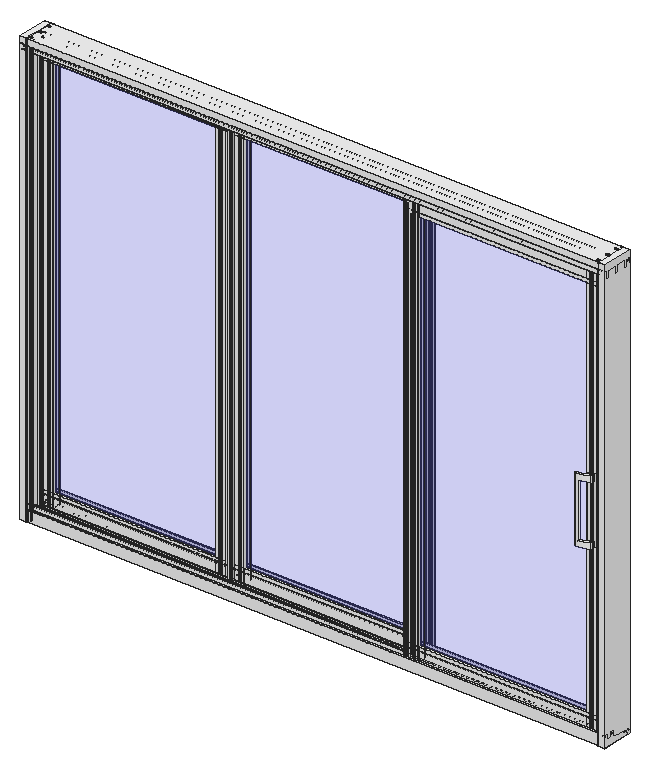
Revit family "Patio-Door_R-550-2-0_3-Light_XOO_5in_Novatech", category Doors, host Wall, Revit 2026 (continued)
Definition of nested family "NOVATECH_R-550 (2.0)_3 LIGHT_XOO_5in_SASH_O_RIGHT"
  Definition of nested family "NOVATECH_650_3 LIGHT_OXO_SASH_O_LEFT"
    Automatic sketch dimensions
      Extrusion 1 sketch curve to Extrusion 1 sketch curve = 0.08088"
      Extrusion 1 sketch curve to Extrusion 1 sketch curve = 0.05069"
      Extrusion 1 sketch curve to Extrusion 1 sketch curve = 0.12761"
      Extrusion 1 sketch curve to Extrusion 1 sketch curve = 0.00014"  (x2)
      Extrusion 1 sketch curve to Extrusion 1 sketch curve = 0.00784"
      Extrusion 1 sketch curve to Extrusion 1 sketch curve = 0.00812"
      Extrusion 1 sketch curve to Extrusion 1 sketch curve = 0.01537"
      Extrusion 1 sketch curve to Extrusion 1 sketch curve = 0.02226"
Definition of nested family "NOVATECH_R-550 (2.0)_3 LIGHT_XOO_5in_SASH_X"
  Parameters (values of type "SASH_X")
    Width = 46.52865"
    Panel Material = none
    Height = 77 57/128"
    Frame Material = none
    Default Elevation = 0"
  Reference planes (in)
    plane 1 "Center (Front/Back)": y = 0
    plane 2: z = 0
    plane 3 "Center (Left/Right)": x = 0
    plane 4: x = 23.26432
    plane 5: x = -23.26432
    plane 6: z = 77.44531
    plane 7: y = 0.76968
  Forms (in)
    Extrusion 1, solid, material <- "Panel Material"
      sketch origin (53.05518, -3.44187, -6.62158) x (1, 0, 0) y (0, 1, 0)
        loop
          line (-74.22445, 4.64856) -> (-74.22445, 3.77455) -> (-30.56754, 3.77455) -> (-30.56754, 4.64856) -> (-74.22445, 4.64856)
      from 8.65969 to 82.02831
  Dimensions and locks (in)
    "Height": plane 6 to level
    "Width": plane 4 to plane 5
    equal spacing: plane 4, plane 3 "Center (Left/Right)", plane 5
    locked: plane 5 to nested 3 at 0.18167
    locked: plane 4 to nested 3 at 1.2619
    locked: Extrusion 1 sketch curve to Extrusion 1 sketch curve at 0.87402
    locked: plane 1 "Center (Front/Back)" to plane 7 at 0.76968
    locked: plane 5 to Extrusion 1 at 2.09505
    locked: Extrusion 1 to plane 4 at 0.77668
    locked: plane 6 to Extrusion 1 at 2.03858
    locked: Extrusion 1 to level at 2.03811
    locked: plane 5 to nested 4 at 0.18167
    locked: plane 4 to nested 4 at 1.2619
    aligned and locked: plane 2 to level
    aligned and locked: nested 1 to level
    aligned and locked: nested 2 to level
    aligned and locked: nested 1 to plane 5
    aligned and locked: plane 1 "Center (Front/Back)" to nested 1
    aligned and locked: nested 2 to plane 4
    aligned and locked: level to nested 4
    aligned and locked: plane 6 to nested 3
    aligned and locked: plane 1 "Center (Front/Back)" to nested 3
  Automatic sketch dimensions
    Extrusion 1 sketch curve to plane 1 "Center (Front/Back)" = 0.33268"
    plane 5 to Extrusion 1 sketch curve = 2.09505"
    Extrusion 1 sketch curve to plane 4 = 0.77668"
  Nested families (in)
    nested 1: "NOVATECH_650_2 LIGHT_SASH_X_LEFT" at (-23.26432, 1.65748, 0) x (0, -1, 0) z (0, 0, 1), type "X_LEFT"
      with Length 77 57/128"
    nested 2: "NOVATECH_650_2 LIGHT_SASH_X_RIGHT" at (24.61291, 1.65775, 0) x (0, 1, 0) z (0, 0, 1), type "X_RIGHT"
      with Length 77 57/128"
    nested 3: "NOVATECH_650_2 LIGHT_SASH_X_HEADER1" at (-23.08266, 1.65748, 74.8425), type "X_HEADER 2"
      with built-in parameter 1001306 3.9674 (stored number, unit not read)
    nested 4: "NOVATECH_650_2 LIGHT_SASH_X_SILL1" at (24.52623, 1.65748, 0) x (-1, 0, 0) z (0, 0, 1), type "X_SILL 2"
      with built-in parameter 1001306 3.9674 (stored number, unit not read)
  Definition of nested family "NOVATECH_650_2 LIGHT_SASH_X_LEFT"
    Parameters (values of type "X_LEFT")
      Length = 91 121/128"
      Frame Material = none
      Default Elevation = 0"
    Reference planes (in)
      plane 1 "Center (Front/Back)": y = 0
      plane 2: z = 0
      plane 3 "Center (Left/Right)": x = 0
      plane 4: z = 91.94531
      plane 5: x = 1.65748
    Forms (in)
      Extrusion 1, solid, material <- "Frame Material"
        sketch origin (0, 0, 0) x (1, 0, 0) y (0, 1, 0)
          loop
            line (1.22244, 0.89033) -> (1.22244, 0.50487) -> (1.27362, 0.50487) -> (1.27362, 0.56786) -> (1.3248, 0.56786) -> (1.3248, 0.26077) -> (1.27362, 0.26077) -> (1.27362, 0.32377) -> (1.22244, 0.32377) -> (1.22244, 0.24072)
            arc (1.22244, 0.24072) -> (1.23974, 0.19896) -> (1.2815, 0.18167) r 0.05906
            line (1.2815, 0.18167) -> (1.59843, 0.18167)
            arc (1.59843, 0.18167) -> (1.64018, 0.19896) -> (1.65748, 0.24072) r 0.05906
            line (1.65748, 0.24072) -> (1.65748, 2.72091)
            arc (1.65748, 2.72091) -> (1.65024, 2.74028) -> (1.63206, 2.75015) r 0.02953
            line (1.63206, 2.75015) -> (1.3878, 2.78448) -> (1.3878, 2.74317) -> (1.42126, 2.74317) -> (1.42126, 2.09505) -> (1.3248, 2.09505) -> (1.3248, 2.21978) -> (0.45079, 2.21978) -> (0.45079, 2.09458) -> (0.22047, 2.09458) -> (0.22047, 1.85883) -> (0.27165, 1.85883) -> (0.27165, 1.76041) -> (0.07874, 1.76041) -> (0.07874, 2.09505) -> (0, 2.09505) -> (0, 0.24072)
            arc (0, 0.24072) -> (0.0173, 0.19896) -> (0.05906, 0.18167) r 0.05906
            line (0.05906, 0.18167) -> (0.37598, 0.18167)
            arc (0.37598, 0.18167) -> (0.41774, 0.19896) -> (0.43504, 0.24072) r 0.05906
            line (0.43504, 0.24072) -> (0.43504, 0.32377) -> (0.38386, 0.32377) -> (0.38386, 0.26077) -> (0.33268, 0.26077) -> (0.33268, 0.56786) -> (0.38386, 0.56786) -> (0.38386, 0.50487) -> (0.43504, 0.50487) -> (0.43504, 0.89033) -> (1.22244, 0.89033)
          loop
            line (0.52457, 0.37126) -> (0.52457, 0) -> (1.13481, 0) -> (1.13481, 0.37126)
            arc (1.13481, 0.37126) -> (1.10598, 0.44086) -> (1.03638, 0.46969) r 0.09843
            line (1.03638, 0.46969) -> (0.623, 0.46969)
            arc (0.623, 0.46969) -> (0.5534, 0.44086) -> (0.52457, 0.37126) r 0.09843
          loop
            line (0.44481, 0.62418) -> (0.44481, 0.49623) -> (1.21253, 0.49623) -> (1.21253, 0.62418) -> (1.17489, 0.62418) -> (1.17489, 0.86183) -> (0.49772, 0.86183) -> (0.49772, 0.62418) -> (0.44481, 0.62418)
          loop
            line (0.3878, 2.78254) -> (0.02953, 2.78254)
            arc (0.02953, 2.78254) -> (0.00865, 2.77389) -> (0, 2.75302) r 0.02953
            line (0, 2.75302) -> (0, 2.12252)
            arc (0, 2.12252) -> (0.00787, 2.10888) -> (0.02362, 2.10888) r 0.01575
            line (0.02362, 2.10888) -> (0.05272, 2.12216)
            arc (0.05272, 2.12216) -> (0.07644, 2.12249) -> (0.08888, 2.10229) r 0.02402
            line (0.08888, 2.10229) -> (0.10187, 1.9166) -> (0.13488, 1.83593)
            arc (0.13488, 1.83593) -> (0.16048, 1.8092) -> (0.19743, 1.80702) r 0.05066
            arc (0.19743, 1.80702) -> (0.2171, 1.82834) -> (0.21099, 1.8567) r 0.0315
            line (0.21099, 1.8567) -> (0.16631, 1.96729) -> (0.15655, 2.09491) -> (0.23966, 2.14667) -> (0.34645, 2.11042)
            arc (0.34645, 2.11042) -> (0.36116, 2.11197) -> (0.3681, 2.12502) r 0.01575
            line (0.3681, 2.12502) -> (0.36811, 2.74317) -> (0.3878, 2.78254)
        from 0 to 91.94531
    Dimensions and locks (in)
      "Length": plane 4 to level
      aligned and locked: plane 2 to level
      aligned and locked: Extrusion 1 to level
      aligned and locked: plane 4 to Extrusion 1
    Automatic sketch dimensions
      plane 1 "Center (Front/Back)" to Extrusion 1 sketch curve = 0"
      plane 3 "Center (Left/Right)" to Extrusion 1 sketch curve = 0.43504"
      Extrusion 1 sketch curve to Extrusion 1 sketch curve = 0.00977"
      Extrusion 1 sketch curve to Extrusion 1 sketch curve = 0.06269"
      Extrusion 1 sketch curve to Extrusion 1 sketch curve = 0.07977"
      Extrusion 1 sketch curve to Extrusion 1 sketch curve = 0.09843"  (x2)
      Extrusion 1 sketch curve to Extrusion 1 sketch curve = 0.41339"
      Extrusion 1 sketch curve to Extrusion 1 sketch curve = 0.13851"
      Extrusion 1 sketch curve to Extrusion 1 sketch curve = 0.03764"
      Extrusion 1 sketch curve to Extrusion 1 sketch curve = 0.04755"
      Extrusion 1 sketch curve to Extrusion 1 sketch curve = 0"  (x2)
      Extrusion 1 sketch curve to Extrusion 1 sketch curve = 0.01575"  (x2)
      Extrusion 1 sketch curve to Extrusion 1 sketch curve = 0.00787"  (x3)
      Extrusion 1 sketch curve to Extrusion 1 sketch curve = 0.02953"  (x2)
      Extrusion 1 sketch curve to Extrusion 1 sketch curve = 0.0291"
      Extrusion 1 sketch curve to Extrusion 1 sketch curve = 0.05906"
      Extrusion 1 sketch curve to Extrusion 1 sketch curve = 0.01216"
      Extrusion 1 sketch curve to Extrusion 1 sketch curve = 0.01386"
      Extrusion 1 sketch curve to Extrusion 1 sketch curve = 0.01014"
      Extrusion 1 sketch curve to Extrusion 1 sketch curve = 0.02313"
      Extrusion 1 sketch curve to Extrusion 1 sketch curve = 0.03301"
      Extrusion 1 sketch curve to Extrusion 1 sketch curve = 0.06767"
      Extrusion 1 sketch curve to Extrusion 1 sketch curve = 0.06444"
      Extrusion 1 sketch curve to Extrusion 1 sketch curve = 3/64"
      Extrusion 1 sketch curve to Extrusion 1 sketch curve = 0.00498"
      Extrusion 1 sketch curve to Extrusion 1 sketch curve = 0.02926"
      Extrusion 1 sketch curve to Extrusion 1 sketch curve = 0.06392"
      Extrusion 1 sketch curve to Extrusion 1 sketch curve = 0.01918"
      Extrusion 1 sketch curve to Extrusion 1 sketch curve = 0.05118"  (x5)
      Extrusion 1 sketch curve to Extrusion 1 sketch curve = 0.27362"  (x2)
      Extrusion 1 sketch curve to Extrusion 1 sketch curve = 0.1068"
      Extrusion 1 sketch curve to Extrusion 1 sketch curve = 0.0059"
      Extrusion 1 sketch curve to Extrusion 1 sketch curve = 0.33858"
      Extrusion 1 sketch curve to Extrusion 1 sketch curve = 0.04331"  (x2)
      Extrusion 1 sketch curve to Extrusion 1 sketch curve = 0.01969"
      Extrusion 1 sketch curve to Extrusion 1 sketch curve = 0.08268"
      Extrusion 1 sketch curve to Extrusion 1 sketch curve = 0.87402"
      Extrusion 1 sketch curve to Extrusion 1 sketch curve = 0.06299"  (x5)
      Extrusion 1 sketch curve to Extrusion 1 sketch curve = 0.09646"
      Extrusion 1 sketch curve to Extrusion 1 sketch curve = 0.20669"
      Extrusion 1 sketch curve to Extrusion 1 sketch curve = 0.00411"
      Extrusion 1 sketch curve to plane 1 "Center (Front/Back)" = 0.18167"  (x2)
      Extrusion 1 sketch curve to Extrusion 1 sketch curve = 0.02005"  (x2)
      Extrusion 1 sketch curve to Extrusion 1 sketch curve = 0.12497"
      Extrusion 1 sketch curve to Extrusion 1 sketch curve = 0.12795"  (x2)
      Extrusion 1 sketch curve to Extrusion 1 sketch curve = 0.1811"  (x2)
      Extrusion 1 sketch curve to Extrusion 1 sketch curve = 0.23764"
      Extrusion 1 sketch curve to Extrusion 1 sketch curve = 0.0285"
      Extrusion 1 sketch curve to Extrusion 1 sketch curve = 0.32247"
      Extrusion 1 sketch curve to Extrusion 1 sketch curve = 0.07552"
      Extrusion 1 sketch curve to Extrusion 1 sketch curve = 0.0007"
      Extrusion 1 sketch curve to Extrusion 1 sketch curve = 0.01855"
      Extrusion 1 sketch curve to Extrusion 1 sketch curve = 0.00151"
      Extrusion 1 sketch curve to Extrusion 1 sketch curve = 0.00214"
      Extrusion 1 sketch curve to Extrusion 1 sketch curve = 0.08067"
      Extrusion 1 sketch curve to Extrusion 1 sketch curve = 0.05069"
      Extrusion 1 sketch curve to Extrusion 1 sketch curve = 0.12728"
      Extrusion 1 sketch curve to Extrusion 1 sketch curve = 0.00033"
      Extrusion 1 sketch curve to Extrusion 1 sketch curve = 0.00014"
      Extrusion 1 sketch curve to Extrusion 1 sketch curve = 0.00047"
      Extrusion 1 sketch curve to Extrusion 1 sketch curve = 0.00639"
      Extrusion 1 sketch curve to Extrusion 1 sketch curve = 0.00724"
      Extrusion 1 sketch curve to Extrusion 1 sketch curve = 0.01383"
      Extrusion 1 sketch curve to Extrusion 1 sketch curve = 0.01584"
      Extrusion 1 sketch curve to Extrusion 1 sketch curve = 0.05209"
      Extrusion 1 sketch curve to Extrusion 1 sketch curve = 0.12472"
      Extrusion 1 sketch curve to Extrusion 1 sketch curve = 0.50114"
      Extrusion 1 sketch curve to Extrusion 1 sketch curve = 0.5234"
      Extrusion 1 sketch curve to Extrusion 1 sketch curve = 0.02226"
      Extrusion 1 sketch curve to Extrusion 1 sketch curve = 0.00984"
      Extrusion 1 sketch curve to Extrusion 1 sketch curve = 0.04131"
      Extrusion 1 sketch curve to plane 3 "Center (Left/Right)" = 0"
      Extrusion 1 sketch curve to Extrusion 1 sketch curve = 0.08763"
      Extrusion 1 sketch curve to Extrusion 1 sketch curve = 0.87008"
  Definition of nested family "NOVATECH_650_2 LIGHT_SASH_X_RIGHT"
    Parameters (values of type "NOVATECH_650_2 LIGHT_SASH_X_RIGHT")
      Length = 79 1/2"
      Frame Material = none
      Default Elevation = 0"
    Types (2): name | Length
      NOVATECH_650_2 LIGHT_SASH_X_RIGHT | 79 1/2"
      X_RIGHT | 91 121/128"
    Reference planes (in)
      plane 1 "Center (Front/Back)": y = 0
      plane 2: z = 0
      plane 3 "Center (Left/Right)": x = 0
      plane 4: z = 79.5
      plane 5: y = 1.34858
    Forms (in)
      Extrusion 1, solid, material <- "Frame Material"
        sketch origin (0, 0, 0) x (1, 0, 0) y (0, 1, 0)
          loop
            line (-1.3878, 2.68949) -> (-1.63206, 2.65516)
            arc (-1.63206, 2.65516) -> (-1.65024, 2.6453) -> (-1.65748, 2.62592) r 0.02953
            line (-1.65748, 2.62592) -> (-1.65748, 0.14573)
            arc (-1.65748, 0.14573) -> (-1.64018, 0.10398) -> (-1.59843, 0.08668) r 0.05906
            line (-1.59843, 0.08668) -> (-1.2815, 0.08668)
            arc (-1.2815, 0.08668) -> (-1.23974, 0.10398) -> (-1.22244, 0.14573) r 0.05906
            line (-1.22244, 0.14573) -> (-1.22244, 0.21303)
            arc (-1.22244, 0.21303) -> (-1.24803, 0.22962) -> (-1.27362, 0.21303) r 0.02803
            line (-1.27362, 0.21303) -> (-1.27362, 0.18154)
            arc (-1.27362, 0.18154) -> (-1.29921, 0.16396) -> (-1.3248, 0.18154) r 0.02742
            line (-1.3248, 0.18154) -> (-1.3248, 0.45713)
            arc (-1.3248, 0.45713) -> (-1.29921, 0.47486) -> (-1.27362, 0.45713) r 0.02733
            line (-1.27362, 0.45713) -> (-1.27362, 0.42563)
            arc (-1.27362, 0.42563) -> (-1.24803, 0.40805) -> (-1.22244, 0.42563) r 0.02742
            line (-1.22244, 0.42563) -> (-1.22244, 0.79534) -> (-0.43504, 0.79534) -> (-0.43504, 0.42563)
            arc (-0.43504, 0.42563) -> (-0.40945, 0.40805) -> (-0.38386, 0.42563) r 0.02742
            line (-0.38386, 0.42563) -> (-0.38386, 0.45713)
            arc (-0.38386, 0.45713) -> (-0.35827, 0.47524) -> (-0.33268, 0.45713) r 0.02713
            line (-0.33268, 0.45713) -> (-0.33268, 0.18154)
            arc (-0.33268, 0.18154) -> (-0.35827, 0.16434) -> (-0.38386, 0.18154) r 0.02764
            line (-0.38386, 0.18154) -> (-0.38386, 0.21303)
            arc (-0.38386, 0.21303) -> (-0.40945, 0.23061) -> (-0.43504, 0.21303) r 0.02742
            line (-0.43504, 0.21303) -> (-0.43504, 0.14573)
            arc (-0.43504, 0.14573) -> (-0.41774, 0.10398) -> (-0.37598, 0.08668) r 0.05906
            line (-0.37598, 0.08668) -> (-0.05906, 0.08668)
            arc (-0.05906, 0.08668) -> (-0.0173, 0.10398) -> (0, 0.14573) r 0.05906
            line (0, 0.14573) -> (0, 2.00007) -> (-0.07874, 2.00007) -> (-0.07874, 1.66542) -> (-0.27165, 1.66542) -> (-0.27165, 1.76384) -> (-0.22047, 1.76384) -> (-0.22047, 2.00007) -> (-0.45079, 2.00007) -> (-0.45079, 2.12479) -> (-1.3248, 2.12479) -> (-1.3248, 1.99959) -> (-1.42126, 1.99959) -> (-1.42126, 2.64819) -> (-1.3878, 2.64819) -> (-1.3878, 2.68949)
          loop
            line (-0.36811, 2.64819) -> (-0.3681, 2.03003)
            arc (-0.3681, 2.03003) -> (-0.36116, 2.01698) -> (-0.34645, 2.01543) r 0.01575
            line (-0.34645, 2.01543) -> (-0.23966, 2.05168) -> (-0.15655, 1.99992) -> (-0.16631, 1.87231) -> (-0.21099, 1.76171)
            arc (-0.21099, 1.76171) -> (-0.21656, 1.73158) -> (-0.19388, 1.71098) r 0.0315
            arc (-0.19388, 1.71098) -> (-0.15883, 1.71501) -> (-0.1349, 1.74094) r 0.05068
            line (-0.1349, 1.74094) -> (-0.09948, 1.82779) -> (-0.08693, 2.0073)
            arc (-0.08693, 2.0073) -> (-0.07596, 2.02632) -> (-0.05404, 2.02757) r 0.02309
            line (-0.05404, 2.02757) -> (-0.02362, 2.01194)
            arc (-0.02362, 2.01194) -> (-0.00787, 2.01194) -> (0, 2.02558) r 0.01575
            line (0, 2.02558) -> (0, 2.65803)
            arc (0, 2.65803) -> (-0.00865, 2.67891) -> (-0.02953, 2.68756) r 0.02953
            line (-0.02953, 2.68756) -> (-0.3878, 2.68756) -> (-0.36811, 2.64819)
          loop
            line (-0.00532, 0.06693) -> (-0.4773, 0.06693) -> (-0.4391, 0.25591) -> (-0.38762, 0.25591)
            arc (-0.38762, 0.25591) -> (-0.37291, 0.26603) -> (-0.37712, 0.28339) r 0.01575
            line (-0.37712, 0.28339) -> (-0.48008, 0.397)
            arc (-0.48008, 0.397) -> (-0.50292, 0.39997) -> (-0.51341, 0.37946) r 0.02
            line (-0.51341, 0.37946) -> (-0.49589, 0.25591) -> (-0.53329, 0.07087) -> (-1.12384, 0.07087) -> (-1.16124, 0.25591) -> (-1.14375, 0.37069)
            arc (-1.14375, 0.37069) -> (-1.15412, 0.39135) -> (-1.17705, 0.38843) r 0.02
            line (-1.17705, 0.38843) -> (-1.27913, 0.26087)
            arc (-1.27913, 0.26087) -> (-1.28035, 0.24327) -> (-1.2643, 0.23594) r 0.0155
            line (-1.2643, 0.23594) -> (-1.21474, 0.24478) -> (-1.17143, 0.06693) -> (-1.94801, 0.06693) -> (-1.94801, 0.63673) -> (-1.88879, 0.6761) -> (-1.88879, 0.81723) -> (-1.68487, 0.81723) -> (-1.68487, 0.88415) -> (-1.88879, 0.88415) -> (-1.88879, 1.06988) -> (-1.91785, 1.10788) -> (-1.91785, 1.49105) -> (-1.97844, 1.596)
            arc (-1.97844, 1.596) -> (-1.97947, 1.62721) -> (-2.00794, 1.64005) r 0.02953
            arc (-2.00794, 1.64005) -> (-2.03131, 1.63301) -> (-2.0414, 1.61078) r 0.02953
            line (-2.0414, 1.61078) -> (-2.0414, 1.5712) -> (-1.98478, 1.47312) -> (-1.98478, 1.1048)
            arc (-1.98478, 1.1048) -> (-1.99324, 1.08863) -> (-2.01135, 1.08636) r 0.01969
            arc (-2.01135, 1.08636) -> (-2.04515, 1.0621) -> (-2.05808, 1.02255) r 0.06693
            line (-2.05808, 1.02255) -> (-2.05791, 0.97924)
            arc (-2.05791, 0.97924) -> (-2.03232, 0.96174) -> (-2.00673, 0.97924) r 0.02746
            line (-2.00673, 0.97924) -> (-2.0069, 1.01074)
            arc (-2.0069, 1.01074) -> (-1.98131, 1.02832) -> (-1.95572, 1.01074) r 0.02742
            line (-1.95572, 1.01074) -> (-1.95572, 0.73515)
            arc (-1.95572, 0.73515) -> (-1.98131, 0.71804) -> (-2.0069, 0.73515) r 0.02769
            line (-2.0069, 0.73515) -> (-2.0069, 0.77452)
            arc (-2.0069, 0.77452) -> (-2.03249, 0.79231) -> (-2.05808, 0.77452) r 0.0273
            line (-2.05808, 0.77452) -> (-2.05808, 0.72334)
            arc (-2.05808, 0.72334) -> (-2.04625, 0.68534) -> (-2.01493, 0.66078) r 0.06693
            line (-2.01493, 0.66078) -> (-2.01493, 0.07874)
            arc (-2.01493, 0.07874) -> (-1.99187, 0.02306) -> (-1.93619, 0) r 0.07874
            line (-1.93619, 0) -> (-0.04135, 0)
            arc (-0.04135, 0) -> (-0.01984, 0.0064) -> (-0.00532, 0.02351) r 0.03937
            line (-0.00532, 0.02351) -> (-0.00532, 0.06693)
        from 0 to 79.5
    Dimensions and locks (in)
      "Length": plane 4 to level
      aligned and locked: plane 2 to level
      aligned and locked: Extrusion 1 to level
      aligned and locked: plane 4 to Extrusion 1
    Automatic sketch dimensions
      Extrusion 1 sketch curve to plane 5 = 0.32603"
      Extrusion 1 sketch curve to plane 3 "Center (Left/Right)" = 2.05808"
      Extrusion 1 sketch curve to plane 5 = 0.57406"
      Extrusion 1 sketch curve to Extrusion 1 sketch curve = 0"  (x5)
      Extrusion 1 sketch curve to plane 5 = 0.36934"  (x2)
      Extrusion 1 sketch curve to Extrusion 1 sketch curve = 0.00017"
      Extrusion 1 sketch curve to Extrusion 1 sketch curve = 0.01668"
      Extrusion 1 sketch curve to Extrusion 1 sketch curve = 0.02559"  (x17)
      Extrusion 1 sketch curve to Extrusion 1 sketch curve = 0.04315"
      Extrusion 1 sketch curve to Extrusion 1 sketch curve = 0.02953"  (x2)
      Extrusion 1 sketch curve to plane 5 = 0.33784"
      Extrusion 1 sketch curve to Extrusion 1 sketch curve = 0.02542"  (x2)
      Extrusion 1 sketch curve to Extrusion 1 sketch curve = 0.00244"
      Extrusion 1 sketch curve to Extrusion 1 sketch curve = 0.00787"  (x3)
      Extrusion 1 sketch curve to Extrusion 1 sketch curve = 0.01575"  (x4)
      Extrusion 1 sketch curve to Extrusion 1 sketch curve = 0.05662"
      Extrusion 1 sketch curve to Extrusion 1 sketch curve = 0.00984"  (x7)
      plane 5 to Extrusion 1 sketch curve = 0.24742"
      Extrusion 1 sketch curve to Extrusion 1 sketch curve = 0.02556"
      Extrusion 1 sketch curve to Extrusion 1 sketch curve = 0.06693"  (x3)
      Extrusion 1 sketch curve to Extrusion 1 sketch curve = 0.01181"  (x2)
      Extrusion 1 sketch curve to plane 5 = 0.53136"
      Extrusion 1 sketch curve to plane 5 = 0.46443"
      Extrusion 1 sketch curve to Extrusion 1 sketch curve = 0.20393"
      Extrusion 1 sketch curve to Extrusion 1 sketch curve = 0.34652"
      plane 5 to Extrusion 1 sketch curve = 1.30658"
      Extrusion 1 sketch curve to Extrusion 1 sketch curve = 0.05906"  (x2)
      Extrusion 1 sketch curve to Extrusion 1 sketch curve = 0.20669"
      Extrusion 1 sketch curve to Extrusion 1 sketch curve = 0.03346"
      Extrusion 1 sketch curve to Extrusion 1 sketch curve = 0.09646"
      Extrusion 1 sketch curve to Extrusion 1 sketch curve = 0.27362"  (x2)
      Extrusion 1 sketch curve to Extrusion 1 sketch curve = 0.04331"
      Extrusion 1 sketch curve to plane 5 = 1.08771"
      Extrusion 1 sketch curve to Extrusion 1 sketch curve = 0.02009"
      Extrusion 1 sketch curve to Extrusion 1 sketch curve = 0.0121"
      Extrusion 1 sketch curve to plane 5 = 1.11265"
      Extrusion 1 sketch curve to Extrusion 1 sketch curve = 0.00272"
      Extrusion 1 sketch curve to plane 5 = 0.55324"
      Extrusion 1 sketch curve to Extrusion 1 sketch curve = 0.05118"  (x2)
      Extrusion 1 sketch curve to plane 5 = 1.1038"
      Extrusion 1 sketch curve to Extrusion 1 sketch curve = 0.0077"
      Extrusion 1 sketch curve to plane 5 = 0.96015"
      Extrusion 1 sketch curve to Extrusion 1 sketch curve = 0.04539"
      Extrusion 1 sketch curve to plane 1 "Center (Front/Back)" = 0.06693"  (x2)
      Extrusion 1 sketch curve to Extrusion 1 sketch curve = 0.05101"
      Extrusion 1 sketch curve to Extrusion 1 sketch curve = 0.01353"  (x2)
      Extrusion 1 sketch curve to plane 5 = 1.09268"  (x3)
      Extrusion 1 sketch curve to Extrusion 1 sketch curve = 0.0535"
      Extrusion 1 sketch curve to plane 5 = 0.9779"
      Extrusion 1 sketch curve to Extrusion 1 sketch curve = 0.01977"
      Extrusion 1 sketch curve to Extrusion 1 sketch curve = 0.04759"
      Extrusion 1 sketch curve to Extrusion 1 sketch curve = 0.59055"
      Extrusion 1 sketch curve to plane 5 = 0.96913"
      Extrusion 1 sketch curve to Extrusion 1 sketch curve = 0.01988"
      Extrusion 1 sketch curve to Extrusion 1 sketch curve = 0.01752"
      Extrusion 1 sketch curve to Extrusion 1 sketch curve = 0.0198"
      Extrusion 1 sketch curve to plane 5 = 0.95159"
      Extrusion 1 sketch curve to Extrusion 1 sketch curve = 0.05599"
      Extrusion 1 sketch curve to Extrusion 1 sketch curve = 0.87402"
      Extrusion 1 sketch curve to Extrusion 1 sketch curve = 0.05678"
      Extrusion 1 sketch curve to Extrusion 1 sketch curve = 0.00406"
      Extrusion 1 sketch curve to Extrusion 1 sketch curve = 0.04504"
      Extrusion 1 sketch curve to Extrusion 1 sketch curve = 0.06299"
      Extrusion 1 sketch curve to Extrusion 1 sketch curve = 0.05148"
      Extrusion 1 sketch curve to plane 5 = 1.06519"
      Extrusion 1 sketch curve to Extrusion 1 sketch curve = 0.0105"
      Extrusion 1 sketch curve to Extrusion 1 sketch curve = 0.01969"
      Extrusion 1 sketch curve to Extrusion 1 sketch curve = 0.08268"
      Extrusion 1 sketch curve to Extrusion 1 sketch curve = 0.0059"
      Extrusion 1 sketch curve to Extrusion 1 sketch curve = 0.0748"
      Extrusion 1 sketch curve to Extrusion 1 sketch curve = 0.1068"
      Extrusion 1 sketch curve to Extrusion 1 sketch curve = 0.00948"
      Extrusion 1 sketch curve to Extrusion 1 sketch curve = 0.02428"
      Extrusion 1 sketch curve to Extrusion 1 sketch curve = 0.00493"
      Extrusion 1 sketch curve to Extrusion 1 sketch curve = 0.01547"
      Extrusion 1 sketch curve to Extrusion 1 sketch curve = 0.06392"
      plane 5 to Extrusion 1 sketch curve = 0.39236"
      Extrusion 1 sketch curve to Extrusion 1 sketch curve = 3/64"
      Extrusion 1 sketch curve to Extrusion 1 sketch curve = 0.06683"
      Extrusion 1 sketch curve to Extrusion 1 sketch curve = 0.06962"
      Extrusion 1 sketch curve to Extrusion 1 sketch curve = 0.05616"
      Extrusion 1 sketch curve to Extrusion 1 sketch curve = 0.01489"
      Extrusion 1 sketch curve to Extrusion 1 sketch curve = 0.00981"
      Extrusion 1 sketch curve to Extrusion 1 sketch curve = 0.0177"
      Extrusion 1 sketch curve to Extrusion 1 sketch curve = 0.33858"
      Extrusion 1 sketch curve to Extrusion 1 sketch curve = 0.03042"
      Extrusion 1 sketch curve to Extrusion 1 sketch curve = 0.03604"
      Extrusion 1 sketch curve to Extrusion 1 sketch curve = 0.02756"
      Extrusion 1 sketch curve to Extrusion 1 sketch curve = 0.01586"
      Extrusion 1 sketch curve to Extrusion 1 sketch curve = 0.00394"
      Extrusion 1 sketch curve to Extrusion 1 sketch curve = 0.01975"  (x2)
      Extrusion 1 sketch curve to Extrusion 1 sketch curve = 0.0358"  (x2)
      Extrusion 1 sketch curve to Extrusion 1 sketch curve = 0.01044"
      Extrusion 1 sketch curve to Extrusion 1 sketch curve = 0.02006"
      Extrusion 1 sketch curve to Extrusion 1 sketch curve = 0.02165"  (x2)
      Extrusion 1 sketch curve to Extrusion 1 sketch curve = 0.01144"
      Extrusion 1 sketch curve to Extrusion 1 sketch curve = 0.02863"
      Extrusion 1 sketch curve to Extrusion 1 sketch curve = 0.0372"
      Extrusion 1 sketch curve to Extrusion 1 sketch curve = 0.0219"
      Extrusion 1 sketch curve to Extrusion 1 sketch curve = 0.02248"
      Extrusion 1 sketch curve to Extrusion 1 sketch curve = 0.00902"
      Extrusion 1 sketch curve to Extrusion 1 sketch curve = 0.0096"
      Extrusion 1 sketch curve to Extrusion 1 sketch curve = 0.1378"
      Extrusion 1 sketch curve to Extrusion 1 sketch curve = 0.02405"
      Extrusion 1 sketch curve to Extrusion 1 sketch curve = 0.03937"
      Extrusion 1 sketch curve to Extrusion 1 sketch curve = 0.02239"
      Extrusion 1 sketch curve to Extrusion 1 sketch curve = 0.00951"
      Extrusion 1 sketch curve to Extrusion 1 sketch curve = 0.00995"
      Extrusion 1 sketch curve to Extrusion 1 sketch curve = 0.05914"
      Extrusion 1 sketch curve to Extrusion 1 sketch curve = 0.08225"
      Extrusion 1 sketch curve to Extrusion 1 sketch curve = 0.03799"
      Extrusion 1 sketch curve to Extrusion 1 sketch curve = 0.12288"
      Extrusion 1 sketch curve to Extrusion 1 sketch curve = 0.01793"
      Extrusion 1 sketch curve to Extrusion 1 sketch curve = 0.0248"
      Extrusion 1 sketch curve to Extrusion 1 sketch curve = 0.01478"
      Extrusion 1 sketch curve to Extrusion 1 sketch curve = 0.07552"
      Extrusion 1 sketch curve to Extrusion 1 sketch curve = 0.0007"
      Extrusion 1 sketch curve to Extrusion 1 sketch curve = 0.01855"
      Extrusion 1 sketch curve to Extrusion 1 sketch curve = 0.00151"
      Extrusion 1 sketch curve to Extrusion 1 sketch curve = 0.00214"
      Extrusion 1 sketch curve to Extrusion 1 sketch curve = 0.08685"
      Extrusion 1 sketch curve to Extrusion 1 sketch curve = 0.04452"
      Extrusion 1 sketch curve to Extrusion 1 sketch curve = 0.62633"
      Extrusion 1 sketch curve to Extrusion 1 sketch curve = 0.12761"
      Extrusion 1 sketch curve to Extrusion 1 sketch curve = 0.00014"  (x2)
      Extrusion 1 sketch curve to Extrusion 1 sketch curve = 0.0066"
      Extrusion 1 sketch curve to Extrusion 1 sketch curve = 0.00724"
      Extrusion 1 sketch curve to Extrusion 1 sketch curve = 0.01188"
      Extrusion 1 sketch curve to Extrusion 1 sketch curve = 0.01537"
      Extrusion 1 sketch curve to Extrusion 1 sketch curve = 0.05162"
      Extrusion 1 sketch curve to Extrusion 1 sketch curve = 0.1252"
      Extrusion 1 sketch curve to Extrusion 1 sketch curve = 0.5234"
      Extrusion 1 sketch curve to Extrusion 1 sketch curve = 0.02226"
      Extrusion 1 sketch curve to Extrusion 1 sketch curve = 0.04131"
  Definition of nested family "NOVATECH_650_2 LIGHT_SASH_X_HEADER1"
    Parameters (values of type "X_HEADER")
      built-in parameter 1001306 [instance] = 54"
      Frame Material = none
      Default Elevation = 0"
    Reference planes (in)
      plane 1 "Center (Front/Back)": y = 0
      plane 2: z = 0
      plane 3 "Left": x = 0
      plane 4 "Right": x = 54
    Forms (in)
      Extrusion 1, solid, material <- "Frame Material"
        sketch origin (0, 0, 0) x (0, 1, 0) y (0, 0, 1)
          loop
            arc (-1.59843, 2.60281) -> (-1.64018, 2.58552) -> (-1.65748, 2.54376) r 0.05906
            line (-1.65748, 2.54376) -> (-1.65748, 0.06357)
            arc (-1.65748, 0.06357) -> (-1.65024, 0.0442) -> (-1.63206, 0.03433) r 0.02953
            line (-1.63206, 0.03433) -> (-1.3878, 0) -> (-1.3878, 0.04131) -> (-1.42126, 0.04131) -> (-1.42126, 0.68943) -> (-1.32298, 0.68943) -> (-1.32298, 0.56423) -> (-0.44896, 0.56423) -> (-0.44896, 0.68943) -> (-0.22047, 0.68943) -> (-0.22047, 0.9099) -> (-0.27165, 0.9414) -> (-0.27165, 1.02407) -> (-0.07874, 1.02407) -> (-0.07874, 0.68943) -> (0, 0.68943) -> (0, 2.54376)
            arc (0, 2.54376) -> (-0.0173, 2.58552) -> (-0.05906, 2.60281) r 0.05906
            line (-0.05906, 2.60281) -> (-0.37598, 2.60281)
            arc (-0.37598, 2.60281) -> (-0.41774, 2.58552) -> (-0.43504, 2.54376) r 0.05906
            line (-0.43504, 2.54376) -> (-0.43504, 2.47646)
            arc (-0.43504, 2.47646) -> (-0.40945, 2.45644) -> (-0.38386, 2.47646) r 0.02637
            line (-0.38386, 2.47646) -> (-0.38386, 2.50796)
            arc (-0.38386, 2.50796) -> (-0.35827, 2.52747) -> (-0.33268, 2.50796) r 0.02654
            line (-0.33268, 2.50796) -> (-0.33268, 2.23237)
            arc (-0.33268, 2.23237) -> (-0.35827, 2.20678) -> (-0.38386, 2.23237) r 0.02559
            line (-0.38386, 2.23237) -> (-0.38386, 2.26386)
            arc (-0.38386, 2.26386) -> (-0.40945, 2.28945) -> (-0.43504, 2.26386) r 0.02559
            line (-0.43504, 2.26386) -> (-0.43504, 1.89415) -> (-1.22244, 1.89415) -> (-1.22244, 2.26386)
            arc (-1.22244, 2.26386) -> (-1.24803, 2.28945) -> (-1.27362, 2.26386) r 0.02559
            line (-1.27362, 2.26386) -> (-1.27362, 2.23237)
            arc (-1.27362, 2.23237) -> (-1.29921, 2.20678) -> (-1.3248, 2.23237) r 0.02559
            line (-1.3248, 2.23237) -> (-1.3248, 2.50796)
            arc (-1.3248, 2.50796) -> (-1.29921, 2.52747) -> (-1.27362, 2.50796) r 0.02654
            line (-1.27362, 2.50796) -> (-1.27362, 2.47646)
            arc (-1.27362, 2.47646) -> (-1.24803, 2.45644) -> (-1.22244, 2.47646) r 0.02637
            line (-1.22244, 2.47646) -> (-1.22244, 2.54376)
            arc (-1.22244, 2.54376) -> (-1.23974, 2.58552) -> (-1.2815, 2.60281) r 0.05906
            line (-1.2815, 2.60281) -> (-1.59843, 2.60281)
          loop
            line (0, 0.03147) -> (0, 0.65806)
            arc (0, 0.65806) -> (-0.00787, 0.67169) -> (-0.02362, 0.67169) r 0.01575
            line (-0.02362, 0.67169) -> (-0.05301, 0.66163)
            arc (-0.05301, 0.66163) -> (-0.07882, 0.66046) -> (-0.09279, 0.68219) r 0.02589
            line (-0.09279, 0.68219) -> (-0.10659, 0.87957) -> (-0.13463, 0.94897)
            arc (-0.13463, 0.94897) -> (-0.16066, 0.97629) -> (-0.19834, 0.97834) r 0.05118
            arc (-0.19834, 0.97834) -> (-0.22176, 0.94986) -> (-0.20637, 0.91635) r 0.03474
            line (-0.20637, 0.91635) -> (-0.16631, 0.81719) -> (-0.15655, 0.68957) -> (-0.23966, 0.63781) -> (-0.34645, 0.67406)
            arc (-0.34645, 0.67406) -> (-0.36116, 0.67252) -> (-0.3681, 0.65946) r 0.01575
            line (-0.3681, 0.65946) -> (-0.36811, 0.04131) -> (-0.3878, 0.00194) -> (-0.02953, 0.00194)
            arc (-0.02953, 0.00194) -> (-0.00865, 0.01059) -> (0, 0.03147) r 0.02953
        from 0 to 54
    Lines and regions (in)
      reference lines
        curve 1: line (0, 0, 0) -> (54, 0, 0)
    Dimensions and locks (in)
      "built-in parameter 1001306": plane 3 "Left" to plane 4 "Right"
      aligned and locked: plane 4 "Right" to curve 1
      aligned and locked: plane 1 "Center (Front/Back)" to curve 1
      aligned and locked: plane 3 "Left" to curve 1
      aligned and locked: level to plane 2
      aligned and locked: Extrusion 1 to curve 1
      aligned and locked: Extrusion 1 to plane 3 "Left"
    Automatic sketch dimensions
      Extrusion 1 sketch curve to level = 0"
      plane 1 "Center (Front/Back)" to Extrusion 1 sketch curve = 1.65748"
      level to Extrusion 1 sketch curve = 0.03433"
      Extrusion 1 sketch curve to Extrusion 1 sketch curve = 0.02542"
      Extrusion 1 sketch curve to Extrusion 1 sketch curve = 0.02953"
      Extrusion 1 sketch curve to Extrusion 1 sketch curve = 0.05906"
      level to Extrusion 1 sketch curve = 0.04131"  (x2)
      Extrusion 1 sketch curve to Extrusion 1 sketch curve = 0.20669"
      Extrusion 1 sketch curve to Extrusion 1 sketch curve = 0.03346"
      Extrusion 1 sketch curve to Extrusion 1 sketch curve = 0.27362"  (x2)
      Extrusion 1 sketch curve to Extrusion 1 sketch curve = 0.09828"
      Extrusion 1 sketch curve to Extrusion 1 sketch curve = 0.02559"  (x11)
      Extrusion 1 sketch curve to Extrusion 1 sketch curve = 0.01772"
      Extrusion 1 sketch curve to Extrusion 1 sketch curve = 0.87402"
      Extrusion 1 sketch curve to Extrusion 1 sketch curve = 0.7874"
      Extrusion 1 sketch curve to Extrusion 1 sketch curve = 0"  (x2)
      level to Extrusion 1 sketch curve = 0.00194"
      Extrusion 1 sketch curve to Extrusion 1 sketch curve = 0.06117"
      Extrusion 1 sketch curve to Extrusion 1 sketch curve = 0.00787"  (x2)
      Extrusion 1 sketch curve to Extrusion 1 sketch curve = 0.01969"
      Extrusion 1 sketch curve to Extrusion 1 sketch curve = 0.08086"
      Extrusion 1 sketch curve to Extrusion 1 sketch curve = 0.01575"
      Extrusion 1 sketch curve to Extrusion 1 sketch curve = 0.0059"
      Extrusion 1 sketch curve to Extrusion 1 sketch curve = 0.0748"
      Extrusion 1 sketch curve to Extrusion 1 sketch curve = 0.1068"
      Extrusion 1 sketch curve to Extrusion 1 sketch curve = 0.01918"
      Extrusion 1 sketch curve to Extrusion 1 sketch curve = 0.0141"
      Extrusion 1 sketch curve to Extrusion 1 sketch curve = 0.01907"
      Extrusion 1 sketch curve to Extrusion 1 sketch curve = 0.00522"
      Extrusion 1 sketch curve to Extrusion 1 sketch curve = 0.04006"
      Extrusion 1 sketch curve to Extrusion 1 sketch curve = 0.06392"
      Extrusion 1 sketch curve to Extrusion 1 sketch curve = 0.04746"
      Extrusion 1 sketch curve to Extrusion 1 sketch curve = 0.02804"
      Extrusion 1 sketch curve to Extrusion 1 sketch curve = 0.06377"
      Extrusion 1 sketch curve to Extrusion 1 sketch curve = 0.05589"
      Extrusion 1 sketch curve to Extrusion 1 sketch curve = 0.01181"
      Extrusion 1 sketch curve to Extrusion 1 sketch curve = 0.01392"
      level to Extrusion 1 sketch curve = 0.03147"
      Extrusion 1 sketch curve to Extrusion 1 sketch curve = 0.33858"
      Extrusion 1 sketch curve to Extrusion 1 sketch curve = 0.02362"
      Extrusion 1 sketch curve to Extrusion 1 sketch curve = 0.52292"
      Extrusion 1 sketch curve to Extrusion 1 sketch curve = 0.07358"
      Extrusion 1 sketch curve to Extrusion 1 sketch curve = 0.02025"
      Extrusion 1 sketch curve to Extrusion 1 sketch curve = 0.02165"
      Extrusion 1 sketch curve to Extrusion 1 sketch curve = 0.01006"
      Extrusion 1 sketch curve to Extrusion 1 sketch curve = 0.02056"
      Extrusion 1 sketch curve to Extrusion 1 sketch curve = 0.05162"
      Extrusion 1 sketch curve to Extrusion 1 sketch curve = 0.01773"
      Extrusion 1 sketch curve to Extrusion 1 sketch curve = 0.1252"
      Extrusion 1 sketch curve to Extrusion 1 sketch curve = 0.00014"
      Extrusion 1 sketch curve to Extrusion 1 sketch curve = 0.12761"
      Extrusion 1 sketch curve to Extrusion 1 sketch curve = 0.06238"
      Extrusion 1 sketch curve to Extrusion 1 sketch curve = 0.09271"
      Extrusion 1 sketch curve to Extrusion 1 sketch curve = 0.00645"
      Extrusion 1 sketch curve to Extrusion 1 sketch curve = 0.01345"
      Extrusion 1 sketch curve to Extrusion 1 sketch curve = 0.0315"  (x3)
      Extrusion 1 sketch curve to Extrusion 1 sketch curve = 0.01559"
      Extrusion 1 sketch curve to Extrusion 1 sketch curve = 0.01917"
      Extrusion 1 sketch curve to Extrusion 1 sketch curve = 0.0751"
      Extrusion 1 sketch curve to Extrusion 1 sketch curve = 0.64961"
      Extrusion 1 sketch curve to Extrusion 1 sketch curve = 0.31139"  (x2)
      Extrusion 1 sketch curve to Extrusion 1 sketch curve = 0.0673"  (x2)
      Extrusion 1 sketch curve to Extrusion 1 sketch curve = 0.00635"  (x2)
      Extrusion 1 sketch curve to Extrusion 1 sketch curve = 0.02448"  (x2)
      Extrusion 1 sketch curve to Extrusion 1 sketch curve = 0.00702"  (x2)
      Extrusion 1 sketch curve to plane 1 "Center (Front/Back)" = 0"
      Extrusion 1 sketch curve to Extrusion 1 sketch curve = 0.87008"
      Extrusion 1 sketch curve to Extrusion 1 sketch curve = 0.33821"
  Definition of nested family "NOVATECH_650_2 LIGHT_SASH_X_SILL1"
    Parameters (values of type "X_SILL")
      built-in parameter 1001306 [instance] = 54"
      Frame Material = none
      Default Elevation = 0"
    Reference planes (in)
      plane 1 "Center (Front/Back)": y = 0
      plane 2: z = 0
      plane 3 "Left": x = 0
      plane 4 "Right": x = 54
    Forms (in)
      Extrusion 1, solid, material <- "Frame Material"
        sketch origin (0, 0, 0) x (0, 1, 0) y (0, 0, 1)
          loop
            line (0, 0.05906) -> (0, 1.91339) -> (-0.07874, 1.91339) -> (-0.07874, 1.57874) -> (-0.27165, 1.57874) -> (-0.27165, 1.67717) -> (-0.22047, 1.67717) -> (-0.22047, 1.91339) -> (-0.46026, 1.91339) -> (-0.46026, 2.03811) -> (-1.33428, 2.03811) -> (-1.33428, 1.91339) -> (-1.42126, 1.91339) -> (-1.42126, 2.56151) -> (-1.3878, 2.56151) -> (-1.3878, 2.60281) -> (-1.65748, 2.56491) -> (-1.65748, 0.05906)
            arc (-1.65748, 0.05906) -> (-1.64018, 0.0173) -> (-1.59843, 0) r 0.05906
            line (-1.59843, 0) -> (-1.2815, 0)
            arc (-1.2815, 0) -> (-1.23974, 0.0173) -> (-1.22244, 0.05906) r 0.05906
            line (-1.22244, 0.05906) -> (-1.22244, 0.12635)
            arc (-1.22244, 0.12635) -> (-1.24803, 0.14519) -> (-1.27362, 0.12635) r 0.0268
            line (-1.27362, 0.12635) -> (-1.27362, 0.09486)
            arc (-1.27362, 0.09486) -> (-1.29921, 0.07728) -> (-1.3248, 0.09486) r 0.02742
            line (-1.3248, 0.09486) -> (-1.3248, 0.37045)
            arc (-1.3248, 0.37045) -> (-1.29921, 0.38983) -> (-1.27362, 0.37045) r 0.02659
            line (-1.27362, 0.37045) -> (-1.27362, 0.33895)
            arc (-1.27362, 0.33895) -> (-1.24803, 0.32088) -> (-1.22244, 0.33895) r 0.02716
            line (-1.22244, 0.33895) -> (-1.22244, 0.70866) -> (-1.15607, 0.70866) -> (-1.15607, 0.64616) -> (-0.99004, 0.64616) -> (-0.99004, 0.44752) -> (-0.95857, 0.44752)
            arc (-0.95857, 0.44752) -> (-0.83107, 0.56402) -> (-0.70357, 0.44752) r 0.12802
            line (-0.70357, 0.44752) -> (-0.67162, 0.44752) -> (-0.67162, 0.64616) -> (-0.50607, 0.64616) -> (-0.50607, 0.70866) -> (-0.43504, 0.70866) -> (-0.43504, 0.33895)
            arc (-0.43504, 0.33895) -> (-0.40945, 0.32088) -> (-0.38386, 0.33895) r 0.02716
            line (-0.38386, 0.33895) -> (-0.38386, 0.37045)
            arc (-0.38386, 0.37045) -> (-0.35827, 0.38983) -> (-0.33268, 0.37045) r 0.02659
            line (-0.33268, 0.37045) -> (-0.33268, 0.09486)
            arc (-0.33268, 0.09486) -> (-0.35827, 0.07728) -> (-0.38386, 0.09486) r 0.02742
            line (-0.38386, 0.09486) -> (-0.38386, 0.12635)
            arc (-0.38386, 0.12635) -> (-0.40945, 0.14519) -> (-0.43504, 0.12635) r 0.0268
            line (-0.43504, 0.12635) -> (-0.43504, 0.05906)
            arc (-0.43504, 0.05906) -> (-0.41774, 0.0173) -> (-0.37598, 0) r 0.05906
            line (-0.37598, 0) -> (-0.05906, 0)
            arc (-0.05906, 0) -> (-0.0173, 0.0173) -> (0, 0.05906) r 0.05906
          loop
            line (-0.3878, 2.60088) -> (-0.36811, 2.56151) -> (-0.3681, 1.94336)
            arc (-0.3681, 1.94336) -> (-0.36116, 1.9303) -> (-0.34645, 1.92876) r 0.01575
            line (-0.34645, 1.92876) -> (-0.23966, 1.965) -> (-0.15655, 1.91324) -> (-0.16631, 1.78563) -> (-0.21099, 1.67503)
            arc (-0.21099, 1.67503) -> (-0.2171, 1.64667) -> (-0.19743, 1.62535) r 0.0315
            arc (-0.19743, 1.62535) -> (-0.16048, 1.62753) -> (-0.13488, 1.65426) r 0.05066
            line (-0.13488, 1.65426) -> (-0.1042, 1.72953) -> (-0.09083, 1.92062)
            arc (-0.09083, 1.92062) -> (-0.07763, 1.9416) -> (-0.05285, 1.94084) r 0.02495
            line (-0.05285, 1.94084) -> (-0.02362, 1.92721)
            arc (-0.02362, 1.92721) -> (-0.00787, 1.92721) -> (0, 1.94085) r 0.01575
            line (0, 1.94085) -> (0, 2.57135)
            arc (0, 2.57135) -> (-0.00865, 2.59223) -> (-0.02953, 2.60088) r 0.02953
            line (-0.02953, 2.60088) -> (-0.3878, 2.60088)
        from 0 to 54
    Lines and regions (in)
      reference lines
        curve 1: line (0, 0, 0) -> (54, 0, 0)
    Dimensions and locks (in)
      "built-in parameter 1001306": plane 3 "Left" to plane 4 "Right"
      aligned and locked: plane 4 "Right" to curve 1
      aligned and locked: plane 1 "Center (Front/Back)" to curve 1
      aligned and locked: plane 3 "Left" to curve 1
      aligned and locked: level to plane 2
      aligned and locked: Extrusion 1 to curve 1
      aligned and locked: Extrusion 1 to plane 3 "Left"
    Automatic sketch dimensions
      plane 1 "Center (Front/Back)" to Extrusion 1 sketch curve = 1.65748"
      Extrusion 1 sketch curve to Extrusion 1 sketch curve = 0.05906"  (x2)
      Extrusion 1 sketch curve to Extrusion 1 sketch curve = 0.23622"  (x3)
      Extrusion 1 sketch curve to Extrusion 1 sketch curve = 0.03346"
      Extrusion 1 sketch curve to Extrusion 1 sketch curve = 0.08698"
      Extrusion 1 sketch curve to Extrusion 1 sketch curve = 0.27362"  (x2)
      Extrusion 1 sketch curve to Extrusion 1 sketch curve = 0.02559"  (x14)
      Extrusion 1 sketch curve to Extrusion 1 sketch curve = 0.01772"
      Extrusion 1 sketch curve to Extrusion 1 sketch curve = 0.06637"
      Extrusion 1 sketch curve to Extrusion 1 sketch curve = 0.2324"
      Extrusion 1 sketch curve to Extrusion 1 sketch curve = 0.03147"
      Extrusion 1 sketch curve to Extrusion 1 sketch curve = 0.1275"  (x2)
      Extrusion 1 sketch curve to Extrusion 1 sketch curve = 0.03195"
      Extrusion 1 sketch curve to Extrusion 1 sketch curve = 0.16555"
      Extrusion 1 sketch curve to Extrusion 1 sketch curve = 0.87402"
      Extrusion 1 sketch curve to Extrusion 1 sketch curve = 0.07103"
      Extrusion 1 sketch curve to Extrusion 1 sketch curve = 0"  (x2)
      Extrusion 1 sketch curve to Extrusion 1 sketch curve = 0.07247"
      Extrusion 1 sketch curve to Extrusion 1 sketch curve = 0.00787"  (x2)
      Extrusion 1 sketch curve to Extrusion 1 sketch curve = 0.01969"
      Extrusion 1 sketch curve to Extrusion 1 sketch curve = 0.09216"
      Extrusion 1 sketch curve to Extrusion 1 sketch curve = 0.01575"
      Extrusion 1 sketch curve to Extrusion 1 sketch curve = 0.0059"
      Extrusion 1 sketch curve to Extrusion 1 sketch curve = 0.0748"
      Extrusion 1 sketch curve to Extrusion 1 sketch curve = 0.1068"
      Extrusion 1 sketch curve to Extrusion 1 sketch curve = 0.01918"
      Extrusion 1 sketch curve to Extrusion 1 sketch curve = 0.00948"
      Extrusion 1 sketch curve to Extrusion 1 sketch curve = 0.02428"
      Extrusion 1 sketch curve to Extrusion 1 sketch curve = 0.00498"
      Extrusion 1 sketch curve to Extrusion 1 sketch curve = 0.01542"
      Extrusion 1 sketch curve to Extrusion 1 sketch curve = 0.06392"
      Extrusion 1 sketch curve to Extrusion 1 sketch curve = 3/64"
      Extrusion 1 sketch curve to Extrusion 1 sketch curve = 0.03068"
      Extrusion 1 sketch curve to Extrusion 1 sketch curve = 0.06572"
      Extrusion 1 sketch curve to Extrusion 1 sketch curve = 0.01209"
      Extrusion 1 sketch curve to Extrusion 1 sketch curve = 0.01283"
      Extrusion 1 sketch curve to Extrusion 1 sketch curve = 0.01306"
      Extrusion 1 sketch curve to Extrusion 1 sketch curve = 0.33858"
      Extrusion 1 sketch curve to Extrusion 1 sketch curve = 0.02923"
      Extrusion 1 sketch curve to Extrusion 1 sketch curve = 0.02953"
      Extrusion 1 sketch curve to Extrusion 1 sketch curve = 0.02362"
      level to Extrusion 1 sketch curve = 0"  (x2)
      Extrusion 1 sketch curve to Extrusion 1 sketch curve = 0.0358"  (x2)
      Extrusion 1 sketch curve to Extrusion 1 sketch curve = 0.00984"  (x3)
      Extrusion 1 sketch curve to Extrusion 1 sketch curve = 0.02354"  (x2)
      Extrusion 1 sketch curve to Extrusion 1 sketch curve = 0.00796"  (x2)
      Extrusion 1 sketch curve to Extrusion 1 sketch curve = 0.2126"  (x2)
      Extrusion 1 sketch curve to Extrusion 1 sketch curve = 0.00909"  (x2)
      Extrusion 1 sketch curve to Extrusion 1 sketch curve = 0.02429"  (x2)
      Extrusion 1 sketch curve to Extrusion 1 sketch curve = 0.00721"  (x2)
      Extrusion 1 sketch curve to Extrusion 1 sketch curve = 0.09705"
      Extrusion 1 sketch curve to Extrusion 1 sketch curve = 0.01152"
      Extrusion 1 sketch curve to Extrusion 1 sketch curve = 0.19864"  (x2)
      Extrusion 1 sketch curve to Extrusion 1 sketch curve = 1/16"  (x2)
      Extrusion 1 sketch curve to Extrusion 1 sketch curve = 0.87008"
      Extrusion 1 sketch curve to Extrusion 1 sketch curve = 0.07552"
      Extrusion 1 sketch curve to Extrusion 1 sketch curve = 0.0007"
      Extrusion 1 sketch curve to Extrusion 1 sketch curve = 0.01855"
      Extrusion 1 sketch curve to Extrusion 1 sketch curve = 0.00151"
      Extrusion 1 sketch curve to Extrusion 1 sketch curve = 0.00214"
      Extrusion 1 sketch curve to Extrusion 1 sketch curve = 0.07526"
      Extrusion 1 sketch curve to Extrusion 1 sketch curve = 0.0561"
      Extrusion 1 sketch curve to Extrusion 1 sketch curve = 0.12761"
      Extrusion 1 sketch curve to Extrusion 1 sketch curve = 0.00014"
      Extrusion 1 sketch curve to Extrusion 1 sketch curve = 0.00619"
      Extrusion 1 sketch curve to Extrusion 1 sketch curve = 0.00724"
      Extrusion 1 sketch curve to Extrusion 1 sketch curve = 0.01383"
      Extrusion 1 sketch curve to Extrusion 1 sketch curve = 0.01537"
      Extrusion 1 sketch curve to Extrusion 1 sketch curve = 0.05162"
      Extrusion 1 sketch curve to Extrusion 1 sketch curve = 0.12473"
      Extrusion 1 sketch curve to Extrusion 1 sketch curve = 0.5234"  (x2)
      Extrusion 1 sketch curve to Extrusion 1 sketch curve = 0.0034"
      Extrusion 1 sketch curve to Extrusion 1 sketch curve = 0.04131"
Definition of nested family "NOVATECH_R-550 (2.0)_3 LIGHT_XOO_5in_SASH_O_MID"
  Parameters (values of type "SASH_O_MID")
    Width = 34 65/128"
    Panel Material = none
    Height = 77 27/64"
    Frame Material = none
    Default Elevation = 0"
  Reference planes (in)
    plane 1 "Center (Front/Back)": y = 0
    plane 2: z = 0
    plane 3 "Center (Left/Right)": x = 0
    plane 4: x = 17.25391
    plane 5: x = -17.25391
    plane 6: z = 77.42188
    plane 7: y = 0.7697
    plane 8: x = -18.512
  Forms (in)
    Extrusion 1, solid, material <- "Panel Material"
      sketch origin (53.04805, -3.42098, -6.62158) x (1, 0, 0) y (0, 1, 0)
        loop
          line (-69.52147, 4.62769) -> (-69.52147, 3.75367) -> (-37.83272, 3.75367) -> (-37.83272, 4.62769) -> (-69.52147, 4.62769)
      from 8.65968 to 82.00488
  Dimensions and locks (in)
    "Height": plane 6 to level
    "Width": plane 4 to plane 5
    equal spacing: plane 4, plane 3 "Center (Left/Right)", plane 5
    locked: Extrusion 1 sketch curve to Extrusion 1 sketch curve at 0.87402
    locked: plane 5 to Extrusion 1 at 0.78048
    locked: Extrusion 1 to plane 4 at 2.03858
    locked: plane 6 to Extrusion 1 at 2.03858
    locked: Extrusion 1 to level at 2.0381
    locked: plane 1 "Center (Front/Back)" to Extrusion 1 at 0.33269
    locked: plane 8 to plane 5 at 1.2581
    aligned and locked: plane 2 to level
    aligned and locked: plane 1 "Center (Front/Back)" to nested 1
    aligned and locked: plane 1 "Center (Front/Back)" to nested 2
    aligned and locked: plane 4 to nested 1
    aligned and locked: plane 5 to nested 3
    aligned and locked: plane 1 "Center (Front/Back)" to nested 3  (x2)
    aligned and locked: plane 6 to nested 3
    aligned and locked: nested 2 to plane 8
    aligned and locked: nested 1 to plane 8
    aligned and locked: nested 4 to plane 1 "Center (Front/Back)"
    aligned and locked: plane 4 to nested 4
    aligned and locked: plane 6 to nested 2
    aligned and locked: plane 6 to nested 4
    aligned and locked: plane 4 to nested 2
    aligned and locked: nested 1 to level
  Automatic sketch dimensions
    Extrusion 1 sketch curve to plane 1 "Center (Front/Back)" = 0.33269"
    plane 5 to Extrusion 1 sketch curve = 0.78048"
    Extrusion 1 sketch curve to plane 4 = 2.03858"
  Nested families (in)
    nested 1: "NOVATECH_650_2 LIGHT_SASH_O_SILL1" at (-18.512, 0, -0.93499), type "O PANEL SILL 2"
      with built-in parameter 1001306 2.9805 (stored number, unit not read)
    nested 2: "NOVATECH_650_3 LIGHT_OXO_SASH_O_HEADER" at (-18.512, 0, 74.81906), type "O HEADER"
      with Length 35.76591"
    nested 3: "NOVATECH_650_2 LIGHT_SASH_O_LEFT" at (-18.60249, 0, 0) x (0, -1, 0) z (0, 0, 1), type "NOVATECH_650_2 LIGHT_SASH_X_RIGHT"
    nested 4: "NOVATECH_650_2 LIGHT_SASH_O_RIGHT" at (17.25391, 0, 0) x (0, 1, 0) z (0, 0, 1), type "NOVATECH_650_2 LIGHT_SASH_O_LEFT"
      with Length 77 27/64"
  Definition of nested family "NOVATECH_650_2 LIGHT_SASH_O_SILL1"
    Parameters (values of type "O PANEL SILL")
      built-in parameter 1001306 [instance] = 48"
      Frame Material = none
      Default Elevation = 0"
    Reference planes (in)
      plane 1 "Center (Front/Back)": y = 0
      plane 2: z = 0
      plane 3 "Left": x = 0
      plane 4 "Right": x = 48
    Forms (in)
      Extrusion 1, solid, material <- "Frame Material"
        sketch origin (0, -0.42731, -0.7993) x (0, 1, 0) y (0, 0, 1)
          loop
            line (1.50935, 2.22768) -> (1.00276, 2.22768)
            arc (1.00276, 2.22768) -> (0.94708, 2.20462) -> (0.92402, 2.14894) r 0.07874
            line (0.92402, 2.14894) -> (0.92402, 1.86784)
            arc (0.92402, 1.86784) -> (0.91825, 1.85393) -> (0.90433, 1.84816) r 0.01969
            line (0.90433, 1.84816) -> (0.87358, 1.84816) -> (0.85389, 1.72715) -> (0.644, 1.72715)
            arc (0.644, 1.72715) -> (0.63008, 1.72138) -> (0.62431, 1.70746) r 0.01969
            line (0.62431, 1.70746) -> (0.62431, 1.54017) -> (0.52604, 1.54017) -> (0.52615, 1.70715) -> (0.45135, 1.70715) -> (0.45074, 0.7993) -> (0.52556, 0.81205) -> (0.52575, 1.10443) -> (0.93819, 1.1584) -> (0.93819, 0.93129) -> (1.01299, 0.94253) -> (1.01299, 1.35309) -> (1.5156, 1.41571) -> (1.5156, 0.88509)
            arc (1.5156, 0.88509) -> (1.52141, 0.87106) -> (1.53544, 0.86524) r 0.01985
            arc (1.53544, 0.86524) -> (1.55245, 0.86422) -> (1.56901, 0.86822) r 0.05745
            line (1.56901, 0.86822) -> (1.63183, 0.90885)
            arc (1.63183, 0.90885) -> (1.63055, 0.92963) -> (1.60977, 0.93091) r 0.01572
            arc (1.60977, 0.93091) -> (1.59585, 0.93668) -> (1.59009, 0.9506) r 0.01969
            line (1.59009, 0.9506) -> (1.59009, 1.65234) -> (2.03511, 1.65234) -> (2.03517, 1.09522) -> (2.10997, 1.10708) -> (2.10991, 1.637)
            arc (2.10991, 1.637) -> (2.0835, 1.70074) -> (2.01976, 1.72715) r 0.09016
            line (2.01976, 1.72715) -> (1.65169, 1.72715) -> (1.63466, 1.83182)
            arc (1.63466, 1.83182) -> (1.625, 1.84624) -> (1.60777, 1.84835) r 0.02085
            arc (1.60777, 1.84835) -> (1.59385, 1.85411) -> (1.58809, 1.86803) r 0.01969
            line (1.58809, 1.86803) -> (1.58809, 2.14894)
            arc (1.58809, 2.14894) -> (1.56503, 2.20462) -> (1.50935, 2.22768) r 0.07874
          loop
            line (0.42731, 4.26963) -> (0.42731, 1.79335)
            arc (0.42731, 1.79335) -> (0.44461, 1.75159) -> (0.48637, 1.73429) r 0.05906
            line (0.48637, 1.73429) -> (0.79548, 1.73429)
            arc (0.79548, 1.73429) -> (0.83724, 1.75159) -> (0.85454, 1.79335) r 0.05906
            line (0.85454, 1.79335) -> (0.85454, 1.87249) -> (0.81117, 1.87249) -> (0.81117, 1.8095) -> (0.75999, 1.8095) -> (0.75999, 2.11658) -> (0.81117, 2.11658) -> (0.81117, 2.05359) -> (0.86235, 2.05359) -> (0.86235, 2.43905) -> (1.64975, 2.43905) -> (1.64975, 2.05359) -> (1.70093, 2.05359) -> (1.70093, 2.11658) -> (1.75211, 2.11658) -> (1.75211, 1.8095) -> (1.70093, 1.8095) -> (1.70093, 1.87249) -> (1.65756, 1.87249) -> (1.65756, 1.79335)
            arc (1.65756, 1.79335) -> (1.67486, 1.75159) -> (1.71662, 1.73429) r 0.05906
            line (1.71662, 1.73429) -> (2.02574, 1.73429)
            arc (2.02574, 1.73429) -> (2.06749, 1.75159) -> (2.08479, 1.79335) r 0.05906
            line (2.08479, 1.79335) -> (2.08479, 3.64377) -> (2.00605, 3.64377) -> (2.00605, 3.30913) -> (1.81314, 3.30913) -> (1.81314, 3.40755) -> (1.86432, 3.40755) -> (1.86432, 3.64377) -> (1.56849, 3.64377) -> (1.56849, 3.76848) -> (0.66353, 3.76848) -> (0.66353, 4.2919) -> (0.697, 4.2919) -> (0.697, 4.3332) -> (0.45273, 4.29887)
            arc (0.45273, 4.29887) -> (0.43455, 4.289) -> (0.42731, 4.26963) r 0.02953
          loop
            line (1.697, 4.33127) -> (1.71668, 4.29189) -> (1.71669, 3.67374)
            arc (1.71669, 3.67374) -> (1.72363, 3.66069) -> (1.73834, 3.65914) r 0.01575
            line (1.73834, 3.65914) -> (1.84513, 3.69539) -> (1.92824, 3.64363) -> (1.9154, 3.47576) -> (1.8935, 3.41617)
            arc (1.8935, 3.41617) -> (1.86859, 3.38726) -> (1.88982, 3.35556) r 0.0315
            arc (1.88982, 3.35556) -> (1.92534, 3.35888) -> (1.94977, 3.38487) r 0.05041
            line (1.94977, 3.38487) -> (1.98385, 3.46761) -> (1.99786, 3.65101)
            arc (1.99786, 3.65101) -> (2.00813, 3.67068) -> (2.03025, 3.67232) r 0.02281
            line (2.03025, 3.67232) -> (2.06117, 3.6537)
            arc (2.06117, 3.6537) -> (2.07692, 3.6537) -> (2.08479, 3.66733) r 0.01575
            line (2.08479, 3.66733) -> (2.08479, 4.30174)
            arc (2.08479, 4.30174) -> (2.07614, 4.32262) -> (2.05526, 4.33127) r 0.02953
            line (2.05526, 4.33127) -> (1.697, 4.33127)
        from 0 to 48
    Lines and regions (in)
      reference lines
        curve 1: line (0, 0.91091, 0) -> (48, 0.91091, 0)
    Dimensions and locks (in)
      "built-in parameter 1001306": plane 3 "Left" to plane 4 "Right"
      aligned and locked: plane 4 "Right" to curve 1
      aligned and locked: plane 3 "Left" to curve 1
      aligned and locked: level to plane 2
      aligned and locked: Extrusion 1 to plane 3 "Left"
      aligned and locked: plane 4 "Right" to Extrusion 1
    Automatic sketch dimensions
      curve 1 to plane 1 "Center (Front/Back)" = 0.91091"
      level to Extrusion 1 sketch curve = 0"
      level to Extrusion 1 sketch curve = 0.30778"
      Extrusion 1 sketch curve to plane 1 "Center (Front/Back)" = 1.68266"
      level to Extrusion 1 sketch curve = 0.8377"
      Extrusion 1 sketch curve to Extrusion 1 sketch curve = 0.00005"
      Extrusion 1 sketch curve to Extrusion 1 sketch curve = 0.02512"
      Extrusion 1 sketch curve to Extrusion 1 sketch curve = 0"  (x3)
      Extrusion 1 sketch curve to Extrusion 1 sketch curve = 0.01575"  (x2)
      Extrusion 1 sketch curve to Extrusion 1 sketch curve = 0.00787"
      Extrusion 1 sketch curve to Extrusion 1 sketch curve = 0.02953"  (x2)
      level to Extrusion 1 sketch curve = 0.29592"
      Extrusion 1 sketch curve to Extrusion 1 sketch curve = 0.0748"  (x4)
      Extrusion 1 sketch curve to Extrusion 1 sketch curve = 0.03092"
      Extrusion 1 sketch curve to Extrusion 1 sketch curve = 0.00937"
      Extrusion 1 sketch curve to Extrusion 1 sketch curve = 0.00959"
      Extrusion 1 sketch curve to Extrusion 1 sketch curve = 0.00598"
      Extrusion 1 sketch curve to Extrusion 1 sketch curve = 0.01461"
      Extrusion 1 sketch curve to Extrusion 1 sketch curve = 0.00819"
      Extrusion 1 sketch curve to Extrusion 1 sketch curve = 0.0222"
      Extrusion 1 sketch curve to Extrusion 1 sketch curve = 0.03408"
      Extrusion 1 sketch curve to Extrusion 1 sketch curve = 0.06962"
